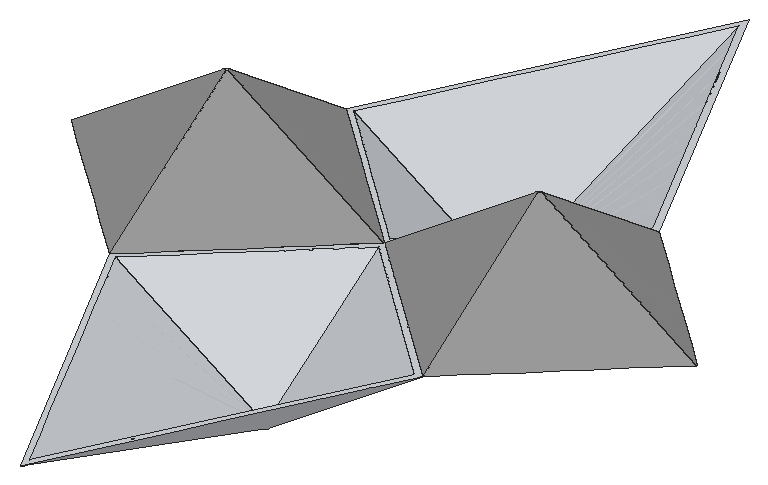
Revit family "CLD-FCT-016_KITE_RTV", category Modelos genéricos, Revit 2022
Family settings
  Puede alojar armadura = No
  Cota de conector redondo = Diámetro de uso
  Tipo de pieza = Normal
  Se basa en plano de trabajo = No
  Siempre vertical = Sí
  Corte con vacíos al cargar = No
  Mantener orientación de anotación = No
  Compartido = No
  Punto de cálculo de habitación = No
Parameters
  Elevación por defecto = 0.00"
Reference planes (in)
  plane 1 "Centro (Frontal/Posterior)": y = 0
  plane 2: z = 0
  plane 3 "Centro (Izquierda/Derecha)": x = 0
Forms (in)
  Extrusion 1, solid, not visible
    sketch origin (0, 0, 0) x (1, 0, 0) y (0, 1, 0)
      loop
        line (0, 2.25) -> (0, 0) -> (108, 0) -> (108, 2.25) -> (0, 2.25)
    from 0 to 8
  Extrusion 2, solid, not visible
    sketch origin (0, 0, 0) x (1, 0, 0) y (0, 1, 0)
      loop
        line (0, 2.25) -> (0, 0) -> (108, 0) -> (108, 2.25) -> (0, 2.25)
    from 0 to 8
  Extrusion 3, solid, not visible
    sketch origin (0, 8, 0) x (1, 0, 0) y (0, 1, 0)
      loop
        line (0, 2.25) -> (0, 0) -> (108, 0) -> (108, 2.25) -> (0, 2.25)
    from 0 to 8
  Extrusion 4, solid, not visible
    sketch origin (0, 16, 0) x (1, 0, 0) y (0, 1, 0)
      loop
        line (0, 2.25) -> (0, 0) -> (108, 0) -> (108, 2.25) -> (0, 2.25)
    from 0 to 8
  Extrusion 5, solid, not visible
    sketch origin (0, 24, 0) x (1, 0, 0) y (0, 1, 0)
      loop
        line (0, 2.25) -> (0, 0) -> (108, 0) -> (108, 2.25) -> (0, 2.25)
    from 0 to 8
  Extrusion 6, solid, not visible
    sketch origin (0, 32, 0) x (1, 0, 0) y (0, 1, 0)
      loop
        line (0, 2.25) -> (0, 0) -> (108, 0) -> (108, 2.25) -> (0, 2.25)
    from 0 to 8
  Extrusion 7, solid, not visible
    sketch origin (0, 40, 0) x (1, 0, 0) y (0, 1, 0)
      loop
        line (0, 2.25) -> (0, 0) -> (108, 0) -> (108, 2.25) -> (0, 2.25)
    from 0 to 8
  Extrusion 8, solid, not visible
    sketch origin (0, 48, 0) x (1, 0, 0) y (0, 1, 0)
      loop
        line (0, 2.25) -> (0, 0) -> (108, 0) -> (108, 2.25) -> (0, 2.25)
    from 0 to 8
  Extrusion 9, solid, not visible
    sketch origin (0, 56, 0) x (1, 0, 0) y (0, 1, 0)
      loop
        line (0, 2.25) -> (0, 0) -> (108, 0) -> (108, 2.25) -> (0, 2.25)
    from 0 to 8
  Extrusion 10, solid, not visible
    sketch origin (0, 64, 0) x (1, 0, 0) y (0, 1, 0)
      loop
        line (0, 2.25) -> (0, 0) -> (108, 0) -> (108, 2.25) -> (0, 2.25)
    from 0 to 8
  Extrusion 11, solid, not visible
    sketch origin (0, 72, 0) x (1, 0, 0) y (0, 1, 0)
      loop
        line (0, 2.25) -> (0, 0) -> (108, 0) -> (108, 2.25) -> (0, 2.25)
    from 0 to 8
  Extrusion 12, solid, not visible
    sketch origin (0, 80, 0) x (1, 0, 0) y (0, 1, 0)
      loop
        line (0, 2.25) -> (0, 0) -> (108, 0) -> (108, 2.25) -> (0, 2.25)
    from 0 to 8
  Extrusion 13, solid, not visible
    sketch origin (0, 88, 0) x (1, 0, 0) y (0, 1, 0)
      loop
        line (0, 2.25) -> (0, 0) -> (108, 0) -> (108, 2.25) -> (0, 2.25)
    from 0 to 8
  Extrusion 14, solid, not visible
    sketch origin (0, 96, 0) x (1, 0, 0) y (0, 1, 0)
      loop
        line (0, 2.25) -> (0, 0) -> (108, 0) -> (108, 2.25) -> (0, 2.25)
    from 0 to 8
  Extrusion 15, solid, not visible
    sketch origin (0, 104, 0) x (1, 0, 0) y (0, 1, 0)
      loop
        line (0, 2.25) -> (0, 0) -> (108, 0) -> (108, 2.25) -> (0, 2.25)
    from 0 to 8
  Extrusion 16, solid, not visible
    sketch origin (0, 112, 0) x (1, 0, 0) y (0, 1, 0)
      loop
        line (0, 2.25) -> (0, 0) -> (108, 0) -> (108, 2.25) -> (0, 2.25)
    from 0 to 8
  Extrusion 17, solid, not visible
    sketch origin (0, 120, 0) x (1, 0, 0) y (0, 1, 0)
      loop
        line (0, 2.25) -> (0, 0) -> (108, 0) -> (108, 2.25) -> (0, 2.25)
    from 0 to 8
  Extrusion 18, solid, not visible
    sketch origin (0, 128, 0) x (1, 0, 0) y (0, 1, 0)
      loop
        line (0, 2.25) -> (0, 0) -> (108, 0) -> (108, 2.25) -> (0, 2.25)
    from 0 to 8
  Extrusion 19, solid, not visible
    sketch origin (0, 136, 0) x (1, 0, 0) y (0, 1, 0)
      loop
        line (0, 2.25) -> (0, 0) -> (108, 0) -> (108, 2.25) -> (0, 2.25)
    from 0 to 8
  Extrusion 20, solid, not visible
    sketch origin (0, 144, 0) x (1, 0, 0) y (0, 1, 0)
      loop
        line (0, 2.25) -> (0, 0) -> (108, 0) -> (108, 2.25) -> (0, 2.25)
    from 0 to 8
  Extrusion 21, solid, not visible
    sketch origin (0, 152, 0) x (1, 0, 0) y (0, 1, 0)
      loop
        line (0, 2.25) -> (0, 0) -> (108, 0) -> (108, 2.25) -> (0, 2.25)
    from 0 to 8
  Extrusion 22, solid, not visible
    sketch origin (109, 0, 0) x (1, 0, 0) y (0, 1, 0)
      loop
        line (0, 2.25) -> (0, 0) -> (108, 0) -> (108, 2.25) -> (0, 2.25)
    from 0 to 8
  Extrusion 23, solid, not visible
    sketch origin (109, 8, 0) x (1, 0, 0) y (0, 1, 0)
      loop
        line (0, 2.25) -> (0, 0) -> (108, 0) -> (108, 2.25) -> (0, 2.25)
    from 0 to 8
  Extrusion 24, solid, not visible
    sketch origin (109, 16, 0) x (1, 0, 0) y (0, 1, 0)
      loop
        line (0, 2.25) -> (0, 0) -> (108, 0) -> (108, 2.25) -> (0, 2.25)
    from 0 to 8
  Extrusion 25, solid, not visible
    sketch origin (109, 24, 0) x (1, 0, 0) y (0, 1, 0)
      loop
        line (0, 2.25) -> (0, 0) -> (108, 0) -> (108, 2.25) -> (0, 2.25)
    from 0 to 8
  Extrusion 26, solid, not visible
    sketch origin (109, 32, 0) x (1, 0, 0) y (0, 1, 0)
      loop
        line (0, 2.25) -> (0, 0) -> (108, 0) -> (108, 2.25) -> (0, 2.25)
    from 0 to 8
  Extrusion 27, solid, not visible
    sketch origin (109, 40, 0) x (1, 0, 0) y (0, 1, 0)
      loop
        line (0, 2.25) -> (0, 0) -> (108, 0) -> (108, 2.25) -> (0, 2.25)
    from 0 to 8
  Extrusion 28, solid, not visible
    sketch origin (109, 48, 0) x (1, 0, 0) y (0, 1, 0)
      loop
        line (0, 2.25) -> (0, 0) -> (108, 0) -> (108, 2.25) -> (0, 2.25)
    from 0 to 8
  Extrusion 29, solid, not visible
    sketch origin (109, 56, 0) x (1, 0, 0) y (0, 1, 0)
      loop
        line (0, 2.25) -> (0, 0) -> (108, 0) -> (108, 2.25) -> (0, 2.25)
    from 0 to 8
  Extrusion 30, solid, not visible
    sketch origin (109, 64, 0) x (1, 0, 0) y (0, 1, 0)
      loop
        line (0, 2.25) -> (0, 0) -> (108, 0) -> (108, 2.25) -> (0, 2.25)
    from 0 to 8
  Extrusion 31, solid, not visible
    sketch origin (109, 72, 0) x (1, 0, 0) y (0, 1, 0)
      loop
        line (0, 2.25) -> (0, 0) -> (108, 0) -> (108, 2.25) -> (0, 2.25)
    from 0 to 8
  Extrusion 32, solid, not visible
    sketch origin (109, 80, 0) x (1, 0, 0) y (0, 1, 0)
      loop
        line (0, 2.25) -> (0, 0) -> (108, 0) -> (108, 2.25) -> (0, 2.25)
    from 0 to 8
  Extrusion 33, solid, not visible
    sketch origin (109, 88, 0) x (1, 0, 0) y (0, 1, 0)
      loop
        line (0, 2.25) -> (0, 0) -> (108, 0) -> (108, 2.25) -> (0, 2.25)
    from 0 to 8
  Extrusion 34, solid, not visible
    sketch origin (109, 96, 0) x (1, 0, 0) y (0, 1, 0)
      loop
        line (0, 2.25) -> (0, 0) -> (108, 0) -> (108, 2.25) -> (0, 2.25)
    from 0 to 8
  Extrusion 35, solid, not visible
    sketch origin (109, 104, 0) x (1, 0, 0) y (0, 1, 0)
      loop
        line (0, 2.25) -> (0, 0) -> (108, 0) -> (108, 2.25) -> (0, 2.25)
    from 0 to 8
  Extrusion 36, solid, not visible
    sketch origin (109, 112, 0) x (1, 0, 0) y (0, 1, 0)
      loop
        line (0, 2.25) -> (0, 0) -> (108, 0) -> (108, 2.25) -> (0, 2.25)
    from 0 to 8
  Extrusion 37, solid, not visible
    sketch origin (109, 120, 0) x (1, 0, 0) y (0, 1, 0)
      loop
        line (0, 2.25) -> (0, 0) -> (108, 0) -> (108, 2.25) -> (0, 2.25)
    from 0 to 8
  Extrusion 38, solid, not visible
    sketch origin (109, 128, 0) x (1, 0, 0) y (0, 1, 0)
      loop
        line (0, 2.25) -> (0, 0) -> (108, 0) -> (108, 2.25) -> (0, 2.25)
    from 0 to 8
  Extrusion 39, solid, not visible
    sketch origin (109, 136, 0) x (1, 0, 0) y (0, 1, 0)
      loop
        line (0, 2.25) -> (0, 0) -> (108, 0) -> (108, 2.25) -> (0, 2.25)
    from 0 to 8
  Extrusion 40, solid, not visible
    sketch origin (109, 144, 0) x (1, 0, 0) y (0, 1, 0)
      loop
        line (0, 2.25) -> (0, 0) -> (108, 0) -> (108, 2.25) -> (0, 2.25)
    from 0 to 8
  Extrusion 41, solid, not visible
    sketch origin (109, 152, 0) x (1, 0, 0) y (0, 1, 0)
      loop
        line (0, 2.25) -> (0, 0) -> (108, 0) -> (108, 2.25) -> (0, 2.25)
    from 0 to 8
  Extrusion 42, solid, not visible
    sketch origin (-108, 0, 0) x (1, 0, 0) y (0, 1, 0)
      loop
        line (0, 2.25) -> (0, 0) -> (108, 0) -> (108, 2.25) -> (0, 2.25)
    from 0 to 8
  Extrusion 43, solid, not visible
    sketch origin (-108, 8, 0) x (1, 0, 0) y (0, 1, 0)
      loop
        line (0, 2.25) -> (0, 0) -> (108, 0) -> (108, 2.25) -> (0, 2.25)
    from 0 to 8
  Extrusion 44, solid, not visible
    sketch origin (-108, 16, 0) x (1, 0, 0) y (0, 1, 0)
      loop
        line (0, 2.25) -> (0, 0) -> (108, 0) -> (108, 2.25) -> (0, 2.25)
    from 0 to 8
  Extrusion 45, solid, not visible
    sketch origin (-108, 24, 0) x (1, 0, 0) y (0, 1, 0)
      loop
        line (0, 2.25) -> (0, 0) -> (108, 0) -> (108, 2.25) -> (0, 2.25)
    from 0 to 8
  Extrusion 46, solid, not visible
    sketch origin (-108, 32, 0) x (1, 0, 0) y (0, 1, 0)
      loop
        line (0, 2.25) -> (0, 0) -> (108, 0) -> (108, 2.25) -> (0, 2.25)
    from 0 to 8
  Extrusion 47, solid, not visible
    sketch origin (-108, 40, 0) x (1, 0, 0) y (0, 1, 0)
      loop
        line (0, 2.25) -> (0, 0) -> (108, 0) -> (108, 2.25) -> (0, 2.25)
    from 0 to 8
  Extrusion 48, solid, not visible
    sketch origin (1, 0, 0) x (1, 0, 0) y (0, 1, 0)
      loop
        line (0, 2.25) -> (0, 0) -> (108, 0) -> (108, 2.25) -> (0, 2.25)
    from 0 to 8
  Extrusion 49, solid, not visible
    sketch origin (1, 8, 0) x (1, 0, 0) y (0, 1, 0)
      loop
        line (0, 2.25) -> (0, 0) -> (108, 0) -> (108, 2.25) -> (0, 2.25)
    from 0 to 8
  Extrusion 50, solid, not visible
    sketch origin (1, 16, 0) x (1, 0, 0) y (0, 1, 0)
      loop
        line (0, 2.25) -> (0, 0) -> (108, 0) -> (108, 2.25) -> (0, 2.25)
    from 0 to 8
  Extrusion 51, solid, not visible
    sketch origin (1, 24, 0) x (1, 0, 0) y (0, 1, 0)
      loop
        line (0, 2.25) -> (0, 0) -> (108, 0) -> (108, 2.25) -> (0, 2.25)
    from 0 to 8
  Extrusion 52, solid, not visible
    sketch origin (1, 32, 0) x (1, 0, 0) y (0, 1, 0)
      loop
        line (0, 2.25) -> (0, 0) -> (108, 0) -> (108, 2.25) -> (0, 2.25)
    from 0 to 8
  Extrusion 53, solid, not visible
    sketch origin (1, 40, 0) x (1, 0, 0) y (0, 1, 0)
      loop
        line (0, 2.25) -> (0, 0) -> (108, 0) -> (108, 2.25) -> (0, 2.25)
    from 0 to 8
  Extrusion 54, solid, not visible
    sketch origin (-108, 48, 0) x (1, 0, 0) y (0, 1, 0)
      loop
        line (0, 2.25) -> (0, 0) -> (108, 0) -> (108, 2.25) -> (0, 2.25)
    from 0 to 8
  Extrusion 55, solid, not visible
    sketch origin (-108, 56, 0) x (1, 0, 0) y (0, 1, 0)
      loop
        line (0, 2.25) -> (0, 0) -> (108, 0) -> (108, 2.25) -> (0, 2.25)
    from 0 to 8
  Extrusion 56, solid, not visible
    sketch origin (-108, 64, 0) x (1, 0, 0) y (0, 1, 0)
      loop
        line (0, 2.25) -> (0, 0) -> (108, 0) -> (108, 2.25) -> (0, 2.25)
    from 0 to 8
  Extrusion 57, solid, not visible
    sketch origin (-108, 72, 0) x (1, 0, 0) y (0, 1, 0)
      loop
        line (0, 2.25) -> (0, 0) -> (108, 0) -> (108, 2.25) -> (0, 2.25)
    from 0 to 8
  Extrusion 58, solid, not visible
    sketch origin (-108, 80, 0) x (1, 0, 0) y (0, 1, 0)
      loop
        line (0, 2.25) -> (0, 0) -> (108, 0) -> (108, 2.25) -> (0, 2.25)
    from 0 to 8
  Extrusion 59, solid, not visible
    sketch origin (1, 48, 0) x (1, 0, 0) y (0, 1, 0)
      loop
        line (0, 2.25) -> (0, 0) -> (108, 0) -> (108, 2.25) -> (0, 2.25)
    from 0 to 8
  Extrusion 60, solid, not visible
    sketch origin (1, 56, 0) x (1, 0, 0) y (0, 1, 0)
      loop
        line (0, 2.25) -> (0, 0) -> (108, 0) -> (108, 2.25) -> (0, 2.25)
    from 0 to 8
  Extrusion 61, solid, not visible
    sketch origin (1, 64, 0) x (1, 0, 0) y (0, 1, 0)
      loop
        line (0, 2.25) -> (0, 0) -> (108, 0) -> (108, 2.25) -> (0, 2.25)
    from 0 to 8
  Extrusion 62, solid, not visible
    sketch origin (1, 72, 0) x (1, 0, 0) y (0, 1, 0)
      loop
        line (0, 2.25) -> (0, 0) -> (108, 0) -> (108, 2.25) -> (0, 2.25)
    from 0 to 8
  Extrusion 63, solid, not visible
    sketch origin (1, 80, 0) x (1, 0, 0) y (0, 1, 0)
      loop
        line (0, 2.25) -> (0, 0) -> (108, 0) -> (108, 2.25) -> (0, 2.25)
    from 0 to 8
  Extrusion 64, solid, not visible
    sketch origin (-108, 88, 0) x (1, 0, 0) y (0, 1, 0)
      loop
        line (0, 2.25) -> (0, 0) -> (108, 0) -> (108, 2.25) -> (0, 2.25)
    from 0 to 8
  Extrusion 65, solid, not visible
    sketch origin (-108, 96, 0) x (1, 0, 0) y (0, 1, 0)
      loop
        line (0, 2.25) -> (0, 0) -> (108, 0) -> (108, 2.25) -> (0, 2.25)
    from 0 to 8
  Extrusion 66, solid, not visible
    sketch origin (-108, 104, 0) x (1, 0, 0) y (0, 1, 0)
      loop
        line (0, 2.25) -> (0, 0) -> (108, 0) -> (108, 2.25) -> (0, 2.25)
    from 0 to 8
  Extrusion 67, solid, not visible
    sketch origin (-108, 112, 0) x (1, 0, 0) y (0, 1, 0)
      loop
        line (0, 2.25) -> (0, 0) -> (108, 0) -> (108, 2.25) -> (0, 2.25)
    from 0 to 8
  Extrusion 68, solid, not visible
    sketch origin (-108, 120, 0) x (1, 0, 0) y (0, 1, 0)
      loop
        line (0, 2.25) -> (0, 0) -> (108, 0) -> (108, 2.25) -> (0, 2.25)
    from 0 to 8
  Extrusion 69, solid, not visible
    sketch origin (1, 88, 0) x (1, 0, 0) y (0, 1, 0)
      loop
        line (0, 2.25) -> (0, 0) -> (108, 0) -> (108, 2.25) -> (0, 2.25)
    from 0 to 8
  Extrusion 70, solid, not visible
    sketch origin (1, 96, 0) x (1, 0, 0) y (0, 1, 0)
      loop
        line (0, 2.25) -> (0, 0) -> (108, 0) -> (108, 2.25) -> (0, 2.25)
    from 0 to 8
  Extrusion 71, solid, not visible
    sketch origin (1, 104, 0) x (1, 0, 0) y (0, 1, 0)
      loop
        line (0, 2.25) -> (0, 0) -> (108, 0) -> (108, 2.25) -> (0, 2.25)
    from 0 to 8
  Extrusion 72, solid, not visible
    sketch origin (1, 112, 0) x (1, 0, 0) y (0, 1, 0)
      loop
        line (0, 2.25) -> (0, 0) -> (108, 0) -> (108, 2.25) -> (0, 2.25)
    from 0 to 8
  Extrusion 73, solid, not visible
    sketch origin (1, 120, 0) x (1, 0, 0) y (0, 1, 0)
      loop
        line (0, 2.25) -> (0, 0) -> (108, 0) -> (108, 2.25) -> (0, 2.25)
    from 0 to 8
  Extrusion 74, solid, not visible
    sketch origin (-108, 128, 0) x (1, 0, 0) y (0, 1, 0)
      loop
        line (0, 2.25) -> (0, 0) -> (108, 0) -> (108, 2.25) -> (0, 2.25)
    from 0 to 8
  Extrusion 75, solid, not visible
    sketch origin (-108, 136, 0) x (1, 0, 0) y (0, 1, 0)
      loop
        line (0, 2.25) -> (0, 0) -> (108, 0) -> (108, 2.25) -> (0, 2.25)
    from 0 to 8
  Extrusion 76, solid, not visible
    sketch origin (-108, 144, 0) x (1, 0, 0) y (0, 1, 0)
      loop
        line (0, 2.25) -> (0, 0) -> (108, 0) -> (108, 2.25) -> (0, 2.25)
    from 0 to 8
  Extrusion 77, solid, not visible
    sketch origin (-108, 152, 0) x (1, 0, 0) y (0, 1, 0)
      loop
        line (0, 2.25) -> (0, 0) -> (108, 0) -> (108, 2.25) -> (0, 2.25)
    from 0 to 8
  Extrusion 78, solid, not visible
    sketch origin (-108, 160, 0) x (1, 0, 0) y (0, 1, 0)
      loop
        line (0, 2.25) -> (0, 0) -> (108, 0) -> (108, 2.25) -> (0, 2.25)
    from 0 to 8
  Extrusion 79, solid, not visible
    sketch origin (1, 128, 0) x (1, 0, 0) y (0, 1, 0)
      loop
        line (0, 2.25) -> (0, 0) -> (108, 0) -> (108, 2.25) -> (0, 2.25)
    from 0 to 8
  Extrusion 80, solid, not visible
    sketch origin (1, 136, 0) x (1, 0, 0) y (0, 1, 0)
      loop
        line (0, 2.25) -> (0, 0) -> (108, 0) -> (108, 2.25) -> (0, 2.25)
    from 0 to 8
  Extrusion 81, solid, not visible
    sketch origin (1, 144, 0) x (1, 0, 0) y (0, 1, 0)
      loop
        line (0, 2.25) -> (0, 0) -> (108, 0) -> (108, 2.25) -> (0, 2.25)
    from 0 to 8
  Extrusion 82, solid, not visible
    sketch origin (1, 152, 0) x (1, 0, 0) y (0, 1, 0)
      loop
        line (0, 2.25) -> (0, 0) -> (108, 0) -> (108, 2.25) -> (0, 2.25)
    from 0 to 8
  Extrusion 83, solid, not visible
    sketch origin (1, 160, 0) x (1, 0, 0) y (0, 1, 0)
      loop
        line (0, 2.25) -> (0, 0) -> (108, 0) -> (108, 2.25) -> (0, 2.25)
    from 0 to 8
  Extrusion 84, solid, not visible
    sketch origin (0, 0, 0) x (1, 0, 0) y (0, 1, 0)
      loop
        line (0, 3) -> (0, 0) -> (108, 0) -> (108, 3) -> (0, 3)
    from 0 to 8
  Extrusion 85, void, not visible
    sketch origin (0, 0, 0) x (1, 0, 0) y (0, 1, 0)
      loop
        line (6, 2) -> (6, 1) -> (66, 1) -> (66, 2) -> (6, 2)
    from 0 to 1.03
  Extrusion 86, solid, not visible
    sketch origin (0, 0, 0) x (1, 0, 0) y (0, 1, 0)
      loop
        line (0, 3) -> (0, 0) -> (108, 0) -> (108, 3) -> (0, 3)
    from 0 to 8
  Extrusion 87, void, not visible
    sketch origin (0, 0, 0) x (1, 0, 0) y (0, 1, 0)
      loop
        line (6, 2) -> (6, 1) -> (66, 1) -> (66, 2) -> (6, 2)
    from 0 to 1.03
  Extrusion 88, solid, not visible
    sketch origin (0, 0, 0) x (1, 0, 0) y (0, 1, 0)
      loop
        line (6, 2) -> (6, 1) -> (66, 1) -> (66, 2) -> (6, 2)
    from 0 to 1.03
  Extrusion 89, solid, not visible
    sketch origin (0, 32, 0) x (1, 0, 0) y (0, 1, 0)
      loop
        line (0, 3) -> (0, 0) -> (108, 0) -> (108, 3) -> (0, 3)
    from 0 to 8
  Extrusion 90, void, not visible
    sketch origin (0, 32, 0) x (1, 0, 0) y (0, 1, 0)
      loop
        line (6, 2) -> (6, 1) -> (102, 1) -> (102, 2) -> (6, 2)
    from 0 to 1.03
  Extrusion 91, solid, not visible
    sketch origin (8.95842, -18.67436, 0) x (1, 0, 0) y (0, 1, 0)
      loop
        line (-8.48642, 97.64679) -> (-8.48642, 97.17436) -> (98.56914, 97.17436) -> (98.56914, 97.64679) -> (-8.48642, 97.64679)
    from 0.59055 to 8
  Extrusion 92, solid, not visible
    sketch origin (8.95842, -16.6468, 0) x (1, 0, 0) y (0, 1, 0)
      loop
        line (-8.48642, 97.64679) -> (-8.48642, 97.17436) -> (98.56914, 97.17436) -> (98.56914, 97.64679) -> (-8.48642, 97.64679)
    from 0.59055 to 8
  Extrusion 93, solid, not visible
    sketch origin (60.46912, 110.28574, 0) x (1, 0, 0) y (0, 1, 0)
      loop
        line (45.03088, -29.28574) -> (-57.96911, -29.28574) -> (-57.96911, -31.78574) -> (45.03088, -31.78574) -> (45.03088, -29.28574)
      loop
        line (23.78088, -31.03574) -> (41.78088, -31.03574) -> (41.78088, -30.03574) -> (23.78088, -30.03574) -> (23.78088, -31.03574)
      loop
        line (-54.71912, -31.03574) -> (-36.71912, -31.03574) -> (-36.71912, -30.03574) -> (-54.71912, -30.03574) -> (-54.71912, -31.03574)
    from 0 to 0.59055
  Extrusion 94, solid, not visible
    sketch origin (108, 51.5, 0) x (0, 1, 0) y (-1, 0, 0)
      loop
        line (27.75, 102.25) -> (27.75, 84.25) -> (28.75, 84.25) -> (28.75, 102.25) -> (27.75, 102.25)
    from 0 to 1
  Extrusion 95, solid, not visible
    sketch origin (186.5, 51.5, 0) x (0, 1, 0) y (-1, 0, 0)
      loop
        line (27.75, 102.25) -> (27.75, 84.25) -> (28.75, 84.25) -> (28.75, 102.25) -> (27.75, 102.25)
    from 0 to 1
  Extrusion 96, solid, not visible
    sketch origin (8.95842, -44.42438, 0) x (1, 0, 0) y (0, 1, 0)
      loop
        line (-8.48642, 97.64679) -> (-8.48642, 97.17436) -> (98.56914, 97.17436) -> (98.56914, 97.64679) -> (-8.48642, 97.64679)
    from 0.59055 to 8
  Extrusion 97, solid, not visible
    sketch origin (8.95842, -42.39682, 0) x (1, 0, 0) y (0, 1, 0)
      loop
        line (-8.48642, 97.64679) -> (-8.48642, 97.17436) -> (98.56914, 97.17436) -> (98.56914, 97.64679) -> (-8.48642, 97.64679)
    from 0.59055 to 8
  Extrusion 98, solid, not visible
    sketch origin (60.46912, 84.53571, 0) x (1, 0, 0) y (0, 1, 0)
      loop
        line (45.03088, -29.28574) -> (-57.96911, -29.28574) -> (-57.96911, -31.78574) -> (45.03088, -31.78574) -> (45.03088, -29.28574)
      loop
        line (-28.96912, -31.03574) -> (-10.96912, -31.03574) -> (-10.96912, -30.03574) -> (-28.96912, -30.03574) -> (-28.96912, -31.03574)
      loop
        line (-3.21912, -31.03571) -> (14.78088, -31.03571) -> (14.78088, -30.03571) -> (-3.21912, -30.03571) -> (-3.21912, -31.03571)
    from 0 to 0.59055
  Extrusion 99, solid, not visible
    sketch origin (133.74998, 25.74998, 0) x (0, 1, 0) y (-1, 0, 0)
      loop
        line (27.75, 102.25) -> (27.75, 84.25) -> (28.75, 84.25) -> (28.75, 102.25) -> (27.75, 102.25)
    from 0 to 1
  Extrusion 100, solid, not visible
    sketch origin (159.49998, 25.74998, 0) x (0, 1, 0) y (-1, 0, 0)
      loop
        line (27.75, 102.25) -> (27.75, 84.25) -> (28.75, 84.25) -> (28.75, 102.25) -> (27.75, 102.25)
    from 0 to 1
  Extrusion 101, solid, not visible
    sketch origin (8.95842, -70.17436, 0) x (1, 0, 0) y (0, 1, 0)
      loop
        line (-8.48642, 97.64679) -> (-8.48642, 97.17436) -> (98.56914, 97.17436) -> (98.56914, 97.64679) -> (-8.48642, 97.64679)
    from 0.59055 to 8
  Extrusion 102, solid, not visible
    sketch origin (8.95842, -68.1468, 0) x (1, 0, 0) y (0, 1, 0)
      loop
        line (-8.48642, 97.64679) -> (-8.48642, 97.17436) -> (98.56914, 97.17436) -> (98.56914, 97.64679) -> (-8.48642, 97.64679)
    from 0.59055 to 8
  Extrusion 103, solid, not visible
    sketch origin (60.46912, 58.78574, 0) x (1, 0, 0) y (0, 1, 0)
      loop
        line (45.03088, -29.28574) -> (-57.96911, -29.28574) -> (-57.96911, -31.78574) -> (45.03088, -31.78574) -> (45.03088, -29.28574)
      loop
        line (23.78088, -31.03574) -> (41.78088, -31.03574) -> (41.78088, -30.03574) -> (23.78088, -30.03574) -> (23.78088, -31.03574)
      loop
        line (-54.71912, -31.03574) -> (-36.71912, -31.03574) -> (-36.71912, -30.03574) -> (-54.71912, -30.03574) -> (-54.71912, -31.03574)
    from 0 to 0.59055
  Extrusion 104, solid, not visible
    sketch origin (108, 0, 0) x (0, 1, 0) y (-1, 0, 0)
      loop
        line (27.75, 102.25) -> (27.75, 84.25) -> (28.75, 84.25) -> (28.75, 102.25) -> (27.75, 102.25)
    from 0 to 1
  Extrusion 105, solid, not visible
    sketch origin (186.5, 0, 0) x (0, 1, 0) y (-1, 0, 0)
      loop
        line (27.75, 102.25) -> (27.75, 84.25) -> (28.75, 84.25) -> (28.75, 102.25) -> (27.75, 102.25)
    from 0 to 1
  Extrusion 106, solid, not visible
    sketch origin (-70.17436, 99.04114, 0) x (0, -1, 0) y (1, 0, 0)
      loop
        line (-8.48642, 97.64679) -> (-8.48642, 97.17436) -> (98.56914, 97.17436) -> (98.56914, 97.64679) -> (-8.48642, 97.64679)
    from 0.59055 to 8
  Extrusion 107, solid, not visible
    sketch origin (-68.1468, 99.04114, 0) x (0, -1, 0) y (1, 0, 0)
      loop
        line (-8.48642, 97.64679) -> (-8.48642, 97.17436) -> (98.56914, 97.17436) -> (98.56914, 97.64679) -> (-8.48642, 97.64679)
    from 0.59055 to 8
  Extrusion 108, solid, not visible
    sketch origin (-2.28571, 86.21912, 0) x (0, 1, 0) y (-1, 0, 0)
      loop
        line (19.28088, -29.28574) -> (-83.71912, -29.28574) -> (-83.71912, -31.78574) -> (19.28088, -31.78574) -> (19.28088, -29.28574)
      loop
        line (16.03088, -31.03571) -> (16.03088, -30.03571) -> (-1.96912, -30.03571) -> (-1.96912, -31.03571) -> (16.03088, -31.03571)
      loop
        line (-62.46912, -31.03571) -> (-62.46912, -30.03571) -> (-80.46912, -30.03571) -> (-80.46912, -31.03571) -> (-62.46912, -31.03571)
    from 0 to 0.59055
  Extrusion 109, solid, not visible
    sketch origin (0, 0, 0) x (1, 0, 0) y (0, 1, 0)
      loop
        line (27.75, 102.25) -> (27.75, 84.25) -> (28.75, 84.25) -> (28.75, 102.25) -> (27.75, 102.25)
    from 0 to 1
  Extrusion 110, solid, not visible
    sketch origin (0, -78.5, 0) x (1, 0, 0) y (0, 1, 0)
      loop
        line (27.75, 102.25) -> (27.75, 84.25) -> (28.75, 84.25) -> (28.75, 102.25) -> (27.75, 102.25)
    from 0 to 1
  Extrusion 111, solid, not visible
    sketch origin (-44.89438, 99.04114, 0) x (0, -1, 0) y (1, 0, 0)
      loop
        line (-8.48642, 97.64679) -> (-8.48642, 97.17436) -> (98.56914, 97.17436) -> (98.56914, 97.64679) -> (-8.48642, 97.64679)
    from 0.59055 to 8
  Extrusion 112, solid, not visible
    sketch origin (-42.39682, 99.04114, 0) x (0, -1, 0) y (1, 0, 0)
      loop
        line (-8.48642, 97.64679) -> (-8.48642, 97.17436) -> (98.56914, 97.17436) -> (98.56914, 97.64679) -> (-8.48642, 97.64679)
    from 0.59055 to 8
  Extrusion 113, solid, not visible
    sketch origin (23.46427, 86.21912, 0) x (0, 1, 0) y (-1, 0, 0)
      loop
        line (19.28088, -28.81571) -> (-83.71912, -28.81571) -> (-83.71912, -31.78574) -> (19.28088, -31.78574) -> (19.28088, -28.81571)
      loop
        line (-28.96912, -29.78573) -> (-28.96912, -30.78571) -> (-10.96912, -30.78571) -> (-10.96912, -29.78573) -> (-28.96912, -29.78573)
      loop
        line (-54.71914, -29.78573) -> (-54.71914, -30.78573) -> (-36.71914, -30.78573) -> (-36.71914, -29.78573) -> (-54.71914, -29.78573)
    from 0 to 0.59055
  Extrusion 114, solid, not visible
    sketch origin (25.74998, -27, 0) x (1, 0, 0) y (0, 1, 0)
      loop
        line (27.50002, 102.25) -> (27.50002, 84.25) -> (28.5, 84.25) -> (28.5, 102.25) -> (27.50002, 102.25)
    from 0 to 1
  Extrusion 115, solid, not visible
    sketch origin (25.74998, -52.75002, 0) x (1, 0, 0) y (0, 1, 0)
      loop
        line (27.50002, 102.25) -> (27.50002, 84.25) -> (28.50002, 84.25) -> (28.50002, 102.25) -> (27.50002, 102.25)
    from 0 to 1
  Extrusion 116, solid, not visible
    sketch origin (-18.67436, 99.04114, 0) x (0, -1, 0) y (1, 0, 0)
      loop
        line (-8.48642, 97.64679) -> (-8.48642, 97.17436) -> (98.56914, 97.17436) -> (98.56914, 97.64679) -> (-8.48642, 97.64679)
    from 0.59055 to 8
  Extrusion 117, solid, not visible
    sketch origin (-16.6468, 99.04114, 0) x (0, -1, 0) y (1, 0, 0)
      loop
        line (-8.48642, 97.64679) -> (-8.48642, 97.17436) -> (98.56914, 97.17436) -> (98.56914, 97.64679) -> (-8.48642, 97.64679)
    from 0.59055 to 8
  Extrusion 118, solid, not visible
    sketch origin (49.21426, 86.21912, 0) x (0, 1, 0) y (-1, 0, 0)
      loop
        line (19.28088, -29.28574) -> (-83.71912, -29.28574) -> (-83.71912, -31.78574) -> (19.28088, -31.78574) -> (19.28088, -29.28574)
      loop
        line (16.03088, -31.03571) -> (16.03088, -30.03571) -> (-1.96912, -30.03571) -> (-1.96912, -31.03571) -> (16.03088, -31.03571)
      loop
        line (-62.46912, -31.03571) -> (-62.46912, -30.03571) -> (-80.46912, -30.03571) -> (-80.46912, -31.03571) -> (-62.46912, -31.03571)
    from 0 to 0.59055
  Extrusion 119, solid, not visible
    sketch origin (51.49997, 0, 0) x (1, 0, 0) y (0, 1, 0)
      loop
        line (27.75, 102.25) -> (27.75, 84.25) -> (28.75, 84.25) -> (28.75, 102.25) -> (27.75, 102.25)
    from 0 to 1
  Extrusion 120, solid, not visible
    sketch origin (51.49997, -78.5, 0) x (1, 0, 0) y (0, 1, 0)
      loop
        line (27.75, 102.25) -> (27.75, 84.25) -> (28.75, 84.25) -> (28.75, 102.25) -> (27.75, 102.25)
    from 0 to 1
  Extrusion 121, solid, not visible
    sketch origin (10.23509, 91.82771, 0) x (0, -1, 0) y (1, 0, 0)
      loop
        line (-16.17229, 97.76491) -> (-15.69986, 97.29248) -> (91.35527, 97.29248) -> (91.82771, 97.76491) -> (-16.17229, 97.76491)
    from 0.59055 to 8
  Extrusion 122, solid, not visible
    sketch origin (137.28574, 61.88413, 0) x (0, 1, 0) y (-1, 0, 0)
      loop
        line (46.11587, 29.28574) -> (43.61587, 31.78574) -> (-59.38412, 31.78574) -> (-61.88412, 29.28574) -> (46.11587, 29.28574)
    from 0 to 0.59055
  Extrusion 123, solid, not visible
    sketch origin (8.20754, 91.82771, 0) x (0, -1, 0) y (1, 0, 0)
      loop
        line (-14.14474, 97.76491) -> (-13.67231, 97.29248) -> (89.32772, 97.29248) -> (89.80016, 97.76491) -> (-14.14474, 97.76491)
    from 0.59055 to 8.22418
  Extrusion 124, solid, not visible
    sketch origin (18.95842, 10.23509, 0) x (1, 0, 0) y (0, 1, 0)
      loop
        line (-18.95842, 97.76491) -> (-18.48598, 97.29247) -> (88.56914, 97.29247) -> (89.04158, 97.76491) -> (-18.95842, 97.76491)
    from 0.59055 to 8
  Extrusion 125, solid, not visible
    sketch origin (61.88413, 137.28574, 0) x (1, 0, 0) y (0, 1, 0)
      loop
        line (46.11587, -29.28574) -> (-61.88412, -29.28574) -> (-59.38412, -31.78574) -> (43.61587, -31.78574) -> (46.11587, -29.28574)
    from 0 to 0.59055
  Extrusion 126, solid, not visible
    sketch origin (18.95842, 8.20753, 0) x (1, 0, 0) y (0, 1, 0)
      loop
        line (-16.93086, 97.76491) -> (-16.45842, 97.29247) -> (86.54158, 97.29247) -> (87.01402, 97.76491) -> (-16.93086, 97.76491)
    from 0.59055 to 8
  Extrusion 127, solid, not visible
    sketch origin (-101.24865, 87.31603, 0) x (0, -1, 0) y (1, 0, 0)
      loop
        line (-20.21152, 101.72109) -> (-20.68397, 101.24865) -> (87.31604, 101.24865) -> (86.84359, 101.72109) -> (-20.21152, 101.72109)
    from 0.47244 to 8
  Extrusion 128, solid, not visible
    sketch origin (-29.28573, 61.88413, 0) x (0, 1, 0) y (-1, 0, 0)
      loop
        line (46.11587, -29.28574) -> (-61.88412, -29.28574) -> (-59.38412, -31.78574) -> (43.61587, -31.78574) -> (46.11587, -29.28574)
    from 0 to 0.59055
  Extrusion 129, solid, not visible
    sketch origin (-99.22109, 87.31603, 0) x (0, -1, 0) y (1, 0, 0)
      loop
        line (-18.18396, 101.72109) -> (-18.65641, 101.24865) -> (85.28848, 101.24865) -> (84.81603, 101.72109) -> (-18.18396, 101.72109)
    from 0.47244 to 8
  Extrusion 130, solid, not visible
    sketch origin (61.88413, -29.28574, 0) x (1, 0, 0) y (0, 1, 0)
      loop
        line (46.11587, 29.28574) -> (43.61587, 31.78574) -> (-59.38412, 31.78574) -> (-61.88412, 29.28574) -> (46.11587, 29.28574)
    from 0 to 0.47244
  Extrusion 131, solid, not visible
    sketch origin (8.95842, -97.17435, 0) x (1, 0, 0) y (0, 1, 0)
      loop
        line (-8.48598, 97.64679) -> (-8.95842, 97.17436) -> (99.04157, 97.17436) -> (98.56914, 97.64679) -> (-8.48598, 97.64679)
    from 0.59055 to 8
  Extrusion 132, solid, not visible
    sketch origin (8.95842, -95.14679, 0) x (1, 0, 0) y (0, 1, 0)
      loop
        line (-6.45842, 97.64679) -> (-6.93085, 97.17436) -> (97.01401, 97.17436) -> (96.54158, 97.64679) -> (-6.45842, 97.64679)
    from 0.59055 to 8
  Extrusion 133, solid, not visible
    sketch origin (61.88413, -29.28574, 0) x (1, 0, 0) y (0, 1, 0)
      loop
        line (46.11587, 29.28574) -> (43.61587, 31.78574) -> (-59.38412, 31.78574) -> (-61.88412, 29.28574) -> (46.11587, 29.28574)
    from 0 to 0.47244
  Extrusion 134, solid, not visible
    sketch origin (18.95842, 10.23509, 0) x (1, 0, 0) y (0, 1, 0)
      loop
        line (-18.95842, 97.76491) -> (-18.48598, 97.29247) -> (88.56914, 97.29247) -> (89.04158, 97.76491) -> (-18.95842, 97.76491)
    from 0.59055 to 8
  Extrusion 135, solid, not visible
    sketch origin (8.95842, -97.17435, 0) x (1, 0, 0) y (0, 1, 0)
      loop
        line (-8.48598, 97.64679) -> (-8.95842, 97.17436) -> (99.04157, 97.17436) -> (98.56914, 97.64679) -> (-8.48598, 97.64679)
    from 0.59055 to 8
  Extrusion 136, solid, not visible
    sketch origin (10.23509, 91.82771, 0) x (0, -1, 0) y (1, 0, 0)
      loop
        line (-16.17229, 97.76491) -> (-15.69986, 97.29248) -> (91.35527, 97.29248) -> (91.82771, 97.76491) -> (-16.17229, 97.76491)
    from 0.59055 to 8
  Extrusion 137, solid, not visible
    sketch origin (-101.24865, 87.31603, 0) x (0, -1, 0) y (1, 0, 0)
      loop
        line (-20.21152, 101.72109) -> (-20.68397, 101.24865) -> (87.31604, 101.24865) -> (86.84359, 101.72109) -> (-20.21152, 101.72109)
    from 0.47244 to 8
  Extrusion 138, solid, not visible
    sketch origin (61.88413, 137.28574, 0) x (1, 0, 0) y (0, 1, 0)
      loop
        line (46.11587, -29.28574) -> (-61.88412, -29.28574) -> (-59.38412, -31.78574) -> (43.61587, -31.78574) -> (46.11587, -29.28574)
    from 0 to 0.59055
  Extrusion 139, solid, not visible
    sketch origin (-29.28573, 61.88413, 0) x (0, 1, 0) y (-1, 0, 0)
      loop
        line (46.11587, -29.28574) -> (-61.88412, -29.28574) -> (-59.38412, -31.78574) -> (43.61587, -31.78574) -> (46.11587, -29.28574)
    from 0 to 0.59055
  Extrusion 140, solid, not visible
    sketch origin (137.28574, 61.88413, 0) x (0, 1, 0) y (-1, 0, 0)
      loop
        line (46.11587, 29.28574) -> (43.61587, 31.78574) -> (-59.38412, 31.78574) -> (-61.88412, 29.28574) -> (46.11587, 29.28574)
    from 0 to 0.59055
  Extrusion 141, solid, not visible
    sketch origin (8.95842, -95.14679, 0) x (1, 0, 0) y (0, 1, 0)
      loop
        line (-6.45842, 97.64679) -> (-6.93085, 97.17436) -> (97.01401, 97.17436) -> (96.54158, 97.64679) -> (-6.45842, 97.64679)
    from 0.59055 to 8
  Extrusion 142, solid, not visible
    sketch origin (-99.22109, 87.31603, 0) x (0, -1, 0) y (1, 0, 0)
      loop
        line (-18.18396, 101.72109) -> (-18.65641, 101.24865) -> (85.28848, 101.24865) -> (84.81603, 101.72109) -> (-18.18396, 101.72109)
    from 0.47244 to 8
  Extrusion 143, solid, not visible
    sketch origin (18.95842, 8.20753, 0) x (1, 0, 0) y (0, 1, 0)
      loop
        line (-16.93086, 97.76491) -> (-16.45842, 97.29247) -> (86.54158, 97.29247) -> (87.01402, 97.76491) -> (-16.93086, 97.76491)
    from 0.59055 to 8
  Extrusion 144, solid, not visible
    sketch origin (8.20754, 91.82771, 0) x (0, -1, 0) y (1, 0, 0)
      loop
        line (-14.14474, 97.76491) -> (-13.67231, 97.29248) -> (89.32772, 97.29248) -> (89.80016, 97.76491) -> (-14.14474, 97.76491)
    from 0.59055 to 8.22418
  Extrusion 145, solid, not visible
    sketch origin (8.95842, -70.17436, 0) x (1, 0, 0) y (0, 1, 0)
      loop
        line (-8.48642, 97.64679) -> (-8.48642, 97.17436) -> (98.56914, 97.17436) -> (98.56914, 97.64679) -> (-8.48642, 97.64679)
    from 0.59055 to 8
  Extrusion 146, solid, not visible
    sketch origin (8.95842, -68.1468, 0) x (1, 0, 0) y (0, 1, 0)
      loop
        line (-8.48642, 97.64679) -> (-8.48642, 97.17436) -> (98.56914, 97.17436) -> (98.56914, 97.64679) -> (-8.48642, 97.64679)
    from 0.59055 to 8
  Extrusion 147, solid, not visible
    sketch origin (8.95842, -44.42438, 0) x (1, 0, 0) y (0, 1, 0)
      loop
        line (-8.48642, 97.64679) -> (-8.48642, 97.17436) -> (98.56914, 97.17436) -> (98.56914, 97.64679) -> (-8.48642, 97.64679)
    from 0.59055 to 8
  Extrusion 148, solid, not visible
    sketch origin (8.95842, -42.39682, 0) x (1, 0, 0) y (0, 1, 0)
      loop
        line (-8.48642, 97.64679) -> (-8.48642, 97.17436) -> (98.56914, 97.17436) -> (98.56914, 97.64679) -> (-8.48642, 97.64679)
    from 0.59055 to 8
  Extrusion 149, solid, not visible
    sketch origin (8.95842, -18.67436, 0) x (1, 0, 0) y (0, 1, 0)
      loop
        line (-8.48642, 97.64679) -> (-8.48642, 97.17436) -> (98.56914, 97.17436) -> (98.56914, 97.64679) -> (-8.48642, 97.64679)
    from 0.59055 to 8
  Extrusion 150, solid, not visible
    sketch origin (8.95842, -16.6468, 0) x (1, 0, 0) y (0, 1, 0)
      loop
        line (-8.48642, 97.64679) -> (-8.48642, 97.17436) -> (98.56914, 97.17436) -> (98.56914, 97.64679) -> (-8.48642, 97.64679)
    from 0.59055 to 8
  Extrusion 151, solid, not visible
    sketch origin (-70.17436, 99.04114, 0) x (0, -1, 0) y (1, 0, 0)
      loop
        line (-8.48642, 97.64679) -> (-8.48642, 97.17436) -> (98.56914, 97.17436) -> (98.56914, 97.64679) -> (-8.48642, 97.64679)
    from 0.59055 to 8
  Extrusion 152, solid, not visible
    sketch origin (-68.1468, 99.04114, 0) x (0, -1, 0) y (1, 0, 0)
      loop
        line (-8.48642, 97.64679) -> (-8.48642, 97.17436) -> (98.56914, 97.17436) -> (98.56914, 97.64679) -> (-8.48642, 97.64679)
    from 0.59055 to 8
  Extrusion 153, solid, not visible
    sketch origin (-44.89438, 99.04114, 0) x (0, -1, 0) y (1, 0, 0)
      loop
        line (-8.48642, 97.64679) -> (-8.48642, 97.17436) -> (98.56914, 97.17436) -> (98.56914, 97.64679) -> (-8.48642, 97.64679)
    from 0.59055 to 8
  Extrusion 154, solid, not visible
    sketch origin (-42.39682, 99.04114, 0) x (0, -1, 0) y (1, 0, 0)
      loop
        line (-8.48642, 97.64679) -> (-8.48642, 97.17436) -> (98.56914, 97.17436) -> (98.56914, 97.64679) -> (-8.48642, 97.64679)
    from 0.59055 to 8
  Extrusion 155, solid, not visible
    sketch origin (-18.67436, 99.04114, 0) x (0, -1, 0) y (1, 0, 0)
      loop
        line (-8.48642, 97.64679) -> (-8.48642, 97.17436) -> (98.56914, 97.17436) -> (98.56914, 97.64679) -> (-8.48642, 97.64679)
    from 0.59055 to 8
  Extrusion 156, solid, not visible
    sketch origin (-16.6468, 99.04114, 0) x (0, -1, 0) y (1, 0, 0)
      loop
        line (-8.48642, 97.64679) -> (-8.48642, 97.17436) -> (98.56914, 97.17436) -> (98.56914, 97.64679) -> (-8.48642, 97.64679)
    from 0.59055 to 8
  Extrusion 157, solid, not visible
    sketch origin (60.46912, 110.28574, 0) x (1, 0, 0) y (0, 1, 0)
      loop
        line (45.03088, -29.28574) -> (-57.96911, -29.28574) -> (-57.96911, -31.78574) -> (45.03088, -31.78574) -> (45.03088, -29.28574)
      loop
        line (23.78088, -31.03574) -> (41.78088, -31.03574) -> (41.78088, -30.03574) -> (23.78088, -30.03574) -> (23.78088, -31.03574)
      loop
        line (-54.71912, -31.03574) -> (-36.71912, -31.03574) -> (-36.71912, -30.03574) -> (-54.71912, -30.03574) -> (-54.71912, -31.03574)
    from 0 to 0.59055
  Extrusion 158, solid, not visible
    sketch origin (60.46912, 84.53571, 0) x (1, 0, 0) y (0, 1, 0)
      loop
        line (45.03088, -29.28574) -> (-57.96911, -29.28574) -> (-57.96911, -31.78574) -> (45.03088, -31.78574) -> (45.03088, -29.28574)
      loop
        line (-28.96912, -31.03574) -> (-10.96912, -31.03574) -> (-10.96912, -30.03574) -> (-28.96912, -30.03574) -> (-28.96912, -31.03574)
      loop
        line (-3.21912, -31.03571) -> (14.78088, -31.03571) -> (14.78088, -30.03571) -> (-3.21912, -30.03571) -> (-3.21912, -31.03571)
    from 0 to 0.59055
  Extrusion 159, solid, not visible
    sketch origin (60.46912, 58.78574, 0) x (1, 0, 0) y (0, 1, 0)
      loop
        line (45.03088, -29.28574) -> (-57.96911, -29.28574) -> (-57.96911, -31.78574) -> (45.03088, -31.78574) -> (45.03088, -29.28574)
      loop
        line (23.78088, -31.03574) -> (41.78088, -31.03574) -> (41.78088, -30.03574) -> (23.78088, -30.03574) -> (23.78088, -31.03574)
      loop
        line (-54.71912, -31.03574) -> (-36.71912, -31.03574) -> (-36.71912, -30.03574) -> (-54.71912, -30.03574) -> (-54.71912, -31.03574)
    from 0 to 0.59055
  Extrusion 160, solid, not visible
    sketch origin (23.46427, 86.21912, 0) x (0, 1, 0) y (-1, 0, 0)
      loop
        line (19.28088, -28.81571) -> (-83.71912, -28.81571) -> (-83.71912, -31.78574) -> (19.28088, -31.78574) -> (19.28088, -28.81571)
      loop
        line (-28.96912, -29.78573) -> (-28.96912, -30.78571) -> (-10.96912, -30.78571) -> (-10.96912, -29.78573) -> (-28.96912, -29.78573)
      loop
        line (-54.71914, -29.78573) -> (-54.71914, -30.78573) -> (-36.71914, -30.78573) -> (-36.71914, -29.78573) -> (-54.71914, -29.78573)
    from 0 to 0.59055
  Extrusion 161, solid, not visible
    sketch origin (-2.28571, 86.21912, 0) x (0, 1, 0) y (-1, 0, 0)
      loop
        line (19.28088, -29.28574) -> (-83.71912, -29.28574) -> (-83.71912, -31.78574) -> (19.28088, -31.78574) -> (19.28088, -29.28574)
      loop
        line (16.03088, -31.03571) -> (16.03088, -30.03571) -> (-1.96912, -30.03571) -> (-1.96912, -31.03571) -> (16.03088, -31.03571)
      loop
        line (-62.46912, -31.03571) -> (-62.46912, -30.03571) -> (-80.46912, -30.03571) -> (-80.46912, -31.03571) -> (-62.46912, -31.03571)
    from 0 to 0.59055
  Extrusion 162, solid, not visible
    sketch origin (49.21426, 86.21912, 0) x (0, 1, 0) y (-1, 0, 0)
      loop
        line (19.28088, -29.28574) -> (-83.71912, -29.28574) -> (-83.71912, -31.78574) -> (19.28088, -31.78574) -> (19.28088, -29.28574)
      loop
        line (16.03088, -31.03571) -> (16.03088, -30.03571) -> (-1.96912, -30.03571) -> (-1.96912, -31.03571) -> (16.03088, -31.03571)
      loop
        line (-62.46912, -31.03571) -> (-62.46912, -30.03571) -> (-80.46912, -30.03571) -> (-80.46912, -31.03571) -> (-62.46912, -31.03571)
    from 0 to 0.59055
  Extrusion 163, solid, not visible
    sketch origin (0, 0, 0) x (1, 0, 0) y (0, 1, 0)
      loop
        line (27.75, 102.25) -> (27.75, 84.25) -> (28.75, 84.25) -> (28.75, 102.25) -> (27.75, 102.25)
    from 0 to 1
  Extrusion 164, solid, not visible
    sketch origin (0, -78.5, 0) x (1, 0, 0) y (0, 1, 0)
      loop
        line (27.75, 102.25) -> (27.75, 84.25) -> (28.75, 84.25) -> (28.75, 102.25) -> (27.75, 102.25)
    from 0 to 1
  Extrusion 165, solid, not visible
    sketch origin (51.49997, 0, 0) x (1, 0, 0) y (0, 1, 0)
      loop
        line (27.75, 102.25) -> (27.75, 84.25) -> (28.75, 84.25) -> (28.75, 102.25) -> (27.75, 102.25)
    from 0 to 1
  Extrusion 166, solid, not visible
    sketch origin (51.49997, -78.5, 0) x (1, 0, 0) y (0, 1, 0)
      loop
        line (27.75, 102.25) -> (27.75, 84.25) -> (28.75, 84.25) -> (28.75, 102.25) -> (27.75, 102.25)
    from 0 to 1
  Extrusion 167, solid, not visible
    sketch origin (25.74998, -27, 0) x (1, 0, 0) y (0, 1, 0)
      loop
        line (27.50002, 102.25) -> (27.50002, 84.25) -> (28.5, 84.25) -> (28.5, 102.25) -> (27.50002, 102.25)
    from 0 to 1
  Extrusion 168, solid, not visible
    sketch origin (25.74998, -52.75002, 0) x (1, 0, 0) y (0, 1, 0)
      loop
        line (27.50002, 102.25) -> (27.50002, 84.25) -> (28.50002, 84.25) -> (28.50002, 102.25) -> (27.50002, 102.25)
    from 0 to 1
  Extrusion 169, solid, not visible
    sketch origin (108, 0, 0) x (0, 1, 0) y (-1, 0, 0)
      loop
        line (27.75, 102.25) -> (27.75, 84.25) -> (28.75, 84.25) -> (28.75, 102.25) -> (27.75, 102.25)
    from 0 to 1
  Extrusion 170, solid, not visible
    sketch origin (186.5, 0, 0) x (0, 1, 0) y (-1, 0, 0)
      loop
        line (27.75, 102.25) -> (27.75, 84.25) -> (28.75, 84.25) -> (28.75, 102.25) -> (27.75, 102.25)
    from 0 to 1
  Extrusion 171, solid, not visible
    sketch origin (108, 51.5, 0) x (0, 1, 0) y (-1, 0, 0)
      loop
        line (27.75, 102.25) -> (27.75, 84.25) -> (28.75, 84.25) -> (28.75, 102.25) -> (27.75, 102.25)
    from 0 to 1
  Extrusion 172, solid, not visible
    sketch origin (186.5, 51.5, 0) x (0, 1, 0) y (-1, 0, 0)
      loop
        line (27.75, 102.25) -> (27.75, 84.25) -> (28.75, 84.25) -> (28.75, 102.25) -> (27.75, 102.25)
    from 0 to 1
  Extrusion 173, solid, not visible
    sketch origin (133.74998, 25.74998, 0) x (0, 1, 0) y (-1, 0, 0)
      loop
        line (27.75, 102.25) -> (27.75, 84.25) -> (28.75, 84.25) -> (28.75, 102.25) -> (27.75, 102.25)
    from 0 to 1
  Extrusion 174, solid, not visible
    sketch origin (159.49998, 25.74998, 0) x (0, 1, 0) y (-1, 0, 0)
      loop
        line (27.75, 102.25) -> (27.75, 84.25) -> (28.75, 84.25) -> (28.75, 102.25) -> (27.75, 102.25)
    from 0 to 1
  Extrusion 175, solid, not visible
    sketch origin (0, 0, 0) x (1, 0, 0) y (0, 1, 0)
      loop
        line (24.34376, 0.56617) -> (24.34376, 24.31617) -> (0.59376, 24.31617) -> (0.59376, 0.56617) -> (24.34376, 0.56617)
    from 0.11811 to 0.59055
  Extrusion 176, solid, not visible
    sketch origin (0, 0, 0) x (1, 0, 0) y (0, 1, 0)
      loop
        line (24.34376, 0.56617) -> (24.34376, 24.31617) -> (0.59376, 24.31617) -> (0.59376, 0.56617) -> (24.34376, 0.56617)
    from 0 to 0.11811
  Extrusion 177, solid, not visible
    sketch origin (24, 0, 0) x (1, 0, 0) y (0, 1, 0)
      loop
        line (24.34376, 0.56617) -> (24.34376, 24.31617) -> (0.59376, 24.31617) -> (0.59376, 0.56617) -> (24.34376, 0.56617)
    from 0.11811 to 0.59055
  Extrusion 178, solid, not visible
    sketch origin (24, 0, 0) x (1, 0, 0) y (0, 1, 0)
      loop
        line (24.34376, 0.56617) -> (24.34376, 24.31617) -> (0.59376, 24.31617) -> (0.59376, 0.56617) -> (24.34376, 0.56617)
    from 0 to 0.11811
  Extrusion 179, solid, not visible
    sketch origin (48, 0, 0) x (1, 0, 0) y (0, 1, 0)
      loop
        line (24.34376, 0.56617) -> (24.34376, 24.31617) -> (0.59376, 24.31617) -> (0.59376, 0.56617) -> (24.34376, 0.56617)
    from 0.11811 to 0.59055
  Extrusion 180, solid, not visible
    sketch origin (48, 0, 0) x (1, 0, 0) y (0, 1, 0)
      loop
        line (24.34376, 0.56617) -> (24.34376, 24.31617) -> (0.59376, 24.31617) -> (0.59376, 0.56617) -> (24.34376, 0.56617)
    from 0 to 0.11811
  Extrusion 181, solid, not visible
    sketch origin (72, 0, 0) x (1, 0, 0) y (0, 1, 0)
      loop
        line (24.34376, 0.56617) -> (24.34376, 24.31617) -> (0.59376, 24.31617) -> (0.59376, 0.56617) -> (24.34376, 0.56617)
    from 0.11811 to 0.59055
  Extrusion 182, solid, not visible
    sketch origin (72, 0, 0) x (1, 0, 0) y (0, 1, 0)
      loop
        line (24.34376, 0.56617) -> (24.34376, 24.31617) -> (0.59376, 24.31617) -> (0.59376, 0.56617) -> (24.34376, 0.56617)
    from 0 to 0.11811
  Extrusion 183, solid, not visible
    sketch origin (0, 24, 0) x (1, 0, 0) y (0, 1, 0)
      loop
        line (24.34376, 0.56617) -> (24.34376, 24.31617) -> (0.59376, 24.31617) -> (0.59376, 0.56617) -> (24.34376, 0.56617)
    from 0.11811 to 0.59055
  Extrusion 184, solid, not visible
    sketch origin (0, 24, 0) x (1, 0, 0) y (0, 1, 0)
      loop
        line (24.34376, 0.56617) -> (24.34376, 24.31617) -> (0.59376, 24.31617) -> (0.59376, 0.56617) -> (24.34376, 0.56617)
    from 0 to 0.11811
  Extrusion 185, solid, not visible
    sketch origin (24, 24, 0) x (1, 0, 0) y (0, 1, 0)
      loop
        line (24.34376, 0.56617) -> (24.34376, 24.31617) -> (0.59376, 24.31617) -> (0.59376, 0.56617) -> (24.34376, 0.56617)
    from 0.11811 to 0.59055
  Extrusion 186, solid, not visible
    sketch origin (24, 24, 0) x (1, 0, 0) y (0, 1, 0)
      loop
        line (24.34376, 0.56617) -> (24.34376, 24.31617) -> (0.59376, 24.31617) -> (0.59376, 0.56617) -> (24.34376, 0.56617)
    from 0 to 0.11811
  Extrusion 187, solid, not visible
    sketch origin (48, 24, 0) x (1, 0, 0) y (0, 1, 0)
      loop
        line (24.34376, 0.56617) -> (24.34376, 24.31617) -> (0.59376, 24.31617) -> (0.59376, 0.56617) -> (24.34376, 0.56617)
    from 0.11811 to 0.59055
  Extrusion 188, solid, not visible
    sketch origin (48, 24, 0) x (1, 0, 0) y (0, 1, 0)
      loop
        line (24.34376, 0.56617) -> (24.34376, 24.31617) -> (0.59376, 24.31617) -> (0.59376, 0.56617) -> (24.34376, 0.56617)
    from 0 to 0.11811
  Extrusion 189, solid, not visible
    sketch origin (72, 24, 0) x (1, 0, 0) y (0, 1, 0)
      loop
        line (24.34376, 0.56617) -> (24.34376, 24.31617) -> (0.59376, 24.31617) -> (0.59376, 0.56617) -> (24.34376, 0.56617)
    from 0.11811 to 0.59055
  Extrusion 190, solid, not visible
    sketch origin (72, 24, 0) x (1, 0, 0) y (0, 1, 0)
      loop
        line (24.34376, 0.56617) -> (24.34376, 24.31617) -> (0.59376, 24.31617) -> (0.59376, 0.56617) -> (24.34376, 0.56617)
    from 0 to 0.11811
  Extrusion 191, solid, not visible
    sketch origin (0, 48, 0) x (1, 0, 0) y (0, 1, 0)
      loop
        line (24.34376, 0.56617) -> (24.34376, 24.31617) -> (0.59376, 24.31617) -> (0.59376, 0.56617) -> (24.34376, 0.56617)
    from 0.11811 to 0.59055
  Extrusion 192, solid, not visible
    sketch origin (0, 48, 0) x (1, 0, 0) y (0, 1, 0)
      loop
        line (24.34376, 0.56617) -> (24.34376, 24.31617) -> (0.59376, 24.31617) -> (0.59376, 0.56617) -> (24.34376, 0.56617)
    from 0 to 0.11811
  Extrusion 193, solid, not visible
    sketch origin (24, 48, 0) x (1, 0, 0) y (0, 1, 0)
      loop
        line (24.34376, 0.56617) -> (24.34376, 24.31617) -> (0.59376, 24.31617) -> (0.59376, 0.56617) -> (24.34376, 0.56617)
    from 0.11811 to 0.59055
  Extrusion 194, solid, not visible
    sketch origin (24, 48, 0) x (1, 0, 0) y (0, 1, 0)
      loop
        line (24.34376, 0.56617) -> (24.34376, 24.31617) -> (0.59376, 24.31617) -> (0.59376, 0.56617) -> (24.34376, 0.56617)
    from 0 to 0.11811
  Extrusion 195, solid, not visible
    sketch origin (48, 48, 0) x (1, 0, 0) y (0, 1, 0)
      loop
        line (24.34376, 0.56617) -> (24.34376, 24.31617) -> (0.59376, 24.31617) -> (0.59376, 0.56617) -> (24.34376, 0.56617)
    from 0.11811 to 0.59055
  Extrusion 196, solid, not visible
    sketch origin (48, 48, 0) x (1, 0, 0) y (0, 1, 0)
      loop
        line (24.34376, 0.56617) -> (24.34376, 24.31617) -> (0.59376, 24.31617) -> (0.59376, 0.56617) -> (24.34376, 0.56617)
    from 0 to 0.11811
  Extrusion 197, solid, not visible
    sketch origin (72, 48, 0) x (1, 0, 0) y (0, 1, 0)
      loop
        line (24.34376, 0.56617) -> (24.34376, 24.31617) -> (0.59376, 24.31617) -> (0.59376, 0.56617) -> (24.34376, 0.56617)
    from 0.11811 to 0.59055
  Extrusion 198, solid, not visible
    sketch origin (72, 48, 0) x (1, 0, 0) y (0, 1, 0)
      loop
        line (24.34376, 0.56617) -> (24.34376, 24.31617) -> (0.59376, 24.31617) -> (0.59376, 0.56617) -> (24.34376, 0.56617)
    from 0 to 0.11811
  Extrusion 199, solid, not visible
    sketch origin (0, 72, 0) x (1, 0, 0) y (0, 1, 0)
      loop
        line (24.34376, 0.56617) -> (24.34376, 24.31617) -> (0.59376, 24.31617) -> (0.59376, 0.56617) -> (24.34376, 0.56617)
    from 0.11811 to 0.59055
  Extrusion 200, solid, not visible
    sketch origin (0, 72, 0) x (1, 0, 0) y (0, 1, 0)
      loop
        line (24.34376, 0.56617) -> (24.34376, 24.31617) -> (0.59376, 24.31617) -> (0.59376, 0.56617) -> (24.34376, 0.56617)
    from 0 to 0.11811
  Extrusion 201, solid, not visible
    sketch origin (24, 72, 0) x (1, 0, 0) y (0, 1, 0)
      loop
        line (24.34376, 0.56617) -> (24.34376, 24.31617) -> (0.59376, 24.31617) -> (0.59376, 0.56617) -> (24.34376, 0.56617)
    from 0.11811 to 0.59055
  Extrusion 202, solid, not visible
    sketch origin (24, 72, 0) x (1, 0, 0) y (0, 1, 0)
      loop
        line (24.34376, 0.56617) -> (24.34376, 24.31617) -> (0.59376, 24.31617) -> (0.59376, 0.56617) -> (24.34376, 0.56617)
    from 0 to 0.11811
  Extrusion 203, solid, not visible
    sketch origin (48, 72, 0) x (1, 0, 0) y (0, 1, 0)
      loop
        line (24.34376, 0.56617) -> (24.34376, 24.31617) -> (0.59376, 24.31617) -> (0.59376, 0.56617) -> (24.34376, 0.56617)
    from 0.11811 to 0.59055
  Extrusion 204, solid, not visible
    sketch origin (48, 72, 0) x (1, 0, 0) y (0, 1, 0)
      loop
        line (24.34376, 0.56617) -> (24.34376, 24.31617) -> (0.59376, 24.31617) -> (0.59376, 0.56617) -> (24.34376, 0.56617)
    from 0 to 0.11811
  Extrusion 205, solid, not visible
    sketch origin (72, 72, 0) x (1, 0, 0) y (0, 1, 0)
      loop
        line (24.34376, 0.56617) -> (24.34376, 24.31617) -> (0.59376, 24.31617) -> (0.59376, 0.56617) -> (24.34376, 0.56617)
    from 0.11811 to 0.59055
  Extrusion 206, solid, not visible
    sketch origin (72, 72, 0) x (1, 0, 0) y (0, 1, 0)
      loop
        line (24.34376, 0.56617) -> (24.34376, 24.31617) -> (0.59376, 24.31617) -> (0.59376, 0.56617) -> (24.34376, 0.56617)
    from 0 to 0.11811
  Extrusion 207, solid, not visible
    sketch origin (0, 0, 0) x (0, 1, 0) y (0, 0, 1)
      loop
        line (0.42221, 1.66259) -> (0.42231, 0.67354)
        arc (0.42231, 0.67354) -> (0.41009, 0.64403) -> (0.38057, 0.6318) r 0.04174
        line (0.38057, 0.6318) -> (-0.00639, 0.6318) -> (-0.00639, 0.59057) -> (0.8874, 0.59057) -> (0.8874, 0.6318) -> (0.49998, 0.6318)
        arc (0.49998, 0.6318) -> (0.47046, 0.64403) -> (0.45824, 0.67354) r 0.04174
        line (0.45824, 0.67354) -> (0.45834, 1.66259)
        arc (0.45834, 1.66259) -> (0.46543, 1.67969) -> (0.48252, 1.68677) r 0.02418
        line (0.48252, 1.68677) -> (0.52252, 1.68677)
        arc (0.52252, 1.68677) -> (0.55303, 1.69941) -> (0.56566, 1.72991) r 0.04314
        line (0.56566, 1.72991) -> (0.56566, 2.14095)
        arc (0.56566, 2.14095) -> (0.5626, 2.15637) -> (0.55386, 2.16944) r 0.04029
        line (0.55386, 2.16944) -> (0.47053, 2.25277)
        arc (0.47053, 2.25277) -> (0.44027, 2.2653) -> (0.41002, 2.25277) r 0.04279
        line (0.41002, 2.25277) -> (0.32669, 2.16944)
        arc (0.32669, 2.16944) -> (0.31795, 2.15637) -> (0.31489, 2.14095) r 0.04029
        line (0.31489, 2.14095) -> (0.31489, 1.72991)
        arc (0.31489, 1.72991) -> (0.32752, 1.69941) -> (0.35803, 1.68677) r 0.04314
        line (0.35803, 1.68677) -> (0.39803, 1.68677)
        arc (0.39803, 1.68677) -> (0.41512, 1.67969) -> (0.42221, 1.66259) r 0.02418
      loop
        arc (0.33294, 1.7291) -> (0.34005, 1.71194) -> (0.35722, 1.70483) r 0.02428
        line (0.35722, 1.70483) -> (0.39815, 1.70483)
        arc (0.39815, 1.70483) -> (0.42797, 1.69248) -> (0.44023, 1.66266) r 0.04217
        arc (0.44023, 1.66266) -> (0.45258, 1.69248) -> (0.4824, 1.70483) r 0.04217
        line (0.4824, 1.70483) -> (0.52333, 1.70483)
        arc (0.52333, 1.70483) -> (0.54049, 1.71194) -> (0.54761, 1.7291) r 0.02428
        line (0.54761, 1.7291) -> (0.54761, 2.15016) -> (0.45704, 2.24072)
        arc (0.45704, 2.24072) -> (0.44027, 2.24767) -> (0.42351, 2.24072) r 0.02371
        line (0.42351, 2.24072) -> (0.33294, 2.15016) -> (0.33294, 1.7291)
    from 0 to 96.9361
  Extrusion 208, solid, not visible
    sketch origin (0, 24, 0) x (0, 1, 0) y (0, 0, 1)
      loop
        line (0.42221, 1.66259) -> (0.42231, 0.67354)
        arc (0.42231, 0.67354) -> (0.41009, 0.64403) -> (0.38057, 0.6318) r 0.04174
        line (0.38057, 0.6318) -> (-0.00639, 0.6318) -> (-0.00639, 0.59057) -> (0.8874, 0.59057) -> (0.8874, 0.6318) -> (0.49998, 0.6318)
        arc (0.49998, 0.6318) -> (0.47046, 0.64403) -> (0.45824, 0.67354) r 0.04174
        line (0.45824, 0.67354) -> (0.45834, 1.66259)
        arc (0.45834, 1.66259) -> (0.46543, 1.67969) -> (0.48252, 1.68677) r 0.02418
        line (0.48252, 1.68677) -> (0.52252, 1.68677)
        arc (0.52252, 1.68677) -> (0.55303, 1.69941) -> (0.56566, 1.72991) r 0.04314
        line (0.56566, 1.72991) -> (0.56566, 2.14095)
        arc (0.56566, 2.14095) -> (0.5626, 2.15637) -> (0.55386, 2.16944) r 0.04029
        line (0.55386, 2.16944) -> (0.47053, 2.25277)
        arc (0.47053, 2.25277) -> (0.44027, 2.2653) -> (0.41002, 2.25277) r 0.04279
        line (0.41002, 2.25277) -> (0.32669, 2.16944)
        arc (0.32669, 2.16944) -> (0.31795, 2.15637) -> (0.31489, 2.14095) r 0.04029
        line (0.31489, 2.14095) -> (0.31489, 1.72991)
        arc (0.31489, 1.72991) -> (0.32752, 1.69941) -> (0.35803, 1.68677) r 0.04314
        line (0.35803, 1.68677) -> (0.39803, 1.68677)
        arc (0.39803, 1.68677) -> (0.41512, 1.67969) -> (0.42221, 1.66259) r 0.02418
      loop
        arc (0.33294, 1.7291) -> (0.34005, 1.71194) -> (0.35722, 1.70483) r 0.02428
        line (0.35722, 1.70483) -> (0.39815, 1.70483)
        arc (0.39815, 1.70483) -> (0.42797, 1.69248) -> (0.44023, 1.66266) r 0.04217
        arc (0.44023, 1.66266) -> (0.45258, 1.69248) -> (0.4824, 1.70483) r 0.04217
        line (0.4824, 1.70483) -> (0.52333, 1.70483)
        arc (0.52333, 1.70483) -> (0.54049, 1.71194) -> (0.54761, 1.7291) r 0.02428
        line (0.54761, 1.7291) -> (0.54761, 2.15016) -> (0.45704, 2.24072)
        arc (0.45704, 2.24072) -> (0.44027, 2.24767) -> (0.42351, 2.24072) r 0.02371
        line (0.42351, 2.24072) -> (0.33294, 2.15016) -> (0.33294, 1.7291)
    from 0 to 96.9361
